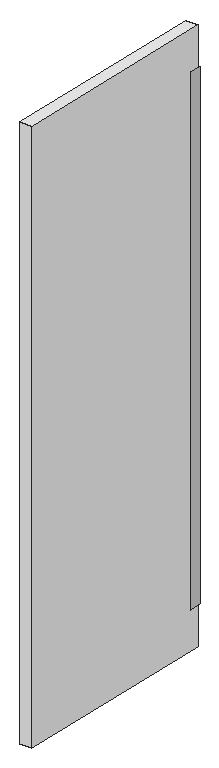
Revit family "r25_MY_UrinalScreen_WallHung_content", category Generic Models, Revit 2025
Family settings
  Can host rebar = No
  Round Connector Dimension = Use Diameter
  Part Type = Normal
  OmniClass Number = 23.31.25.11
  Work Plane-Based = No
  Always vertical = Yes
  Cut with Voids When Loaded = No
  Maintain Annotation Orientation = No
  Shared = No
  Room Calculation Point = No
Parameters (values of type "48" High")
  Uniclass2015Version = "Products v1.17"
  Uniclass2015Title = "Urinal dividers"
  Uniclass2015Code = "Pr_40_20_93_74"
  URL = "https://globalpartitions.com/"
  Type Comments = "Urinal Screen - Wall Hung - Powder Coat Steel - 48\" High"
  PanelWallOffsetDepth = 33/256"  # constant formula
  PanelThickness [instance] = 1"  # constant formula
  PanelOffsetHeight = 12"  # constant formula
  PanelHeight = 48"
  NumberOfUrinalScreens = 1  # constant formula
  ModifiedIssue = 20210102
  Model = Type Comments  # "Urinal Screen - Wall Hung - Powder Coat Steel - 48\" High"
  Material [instance] = Metal_PowderCoat_ASI_White_985
  MasterFormatTitle = "Compartments and Cubicles"
  MasterFormatNumber = "10 21 00"
  ManufacturerURLProductSpecific = "https://globalpartitions.com/products/powder-coated-steel/"
  ManufacturerSpecCode = Type Comments  # "Urinal Screen - Wall Hung - Powder Coat Steel - 48\" High"
  ManufacturerOverallWidth [instance] = PanelThickness  # 1"
  ManufacturerOverallHeight = PanelHeight + PanelOffsetHeight  # 60"
  ManufacturerOverallDepth [instance] = if(and((not(PanelHeight < 55")), (DesiredUrinalScreenDepth < 12")), 12", if(and((not(PanelHeight < 55")), (DesiredUrinalScreenDepth > 12"), (DesiredUrinalScreenDepth < 52")), roundup(DesiredUrinalScreenDepth / 2") * 2", if(and((not(PanelHeight < 55")), (DesiredUrinalScreenDepth > 52"), (DesiredUrinalScreenDepth < 58")), 55", if(and((not(PanelHeight < 55")), (DesiredUrinalScreenDepth > 58"), (DesiredUrinalScreenDepth < 78")), roundup(DesiredUrinalScreenDepth / 2") * 2", if(DesiredUrinalScreenDepth > 78", 78", if(and((PanelHeight < 55"), (DesiredUrinalScreenDepth < 48")), 18", if(and((PanelHeight < 55"), (DesiredUrinalScreenDepth > 48")), 48", DesiredUrinalScreenDepth)))))))  # 18"
  ManufacturerHeightFromFFL [instance] = 0"
  Manufacturer = "Accurate Partitions Corp."  # constant formula
  Keynote = ""
  IfcExportType = "NOTDEFINED"
  IfcExportAs = "IfcBuildingElementProxy"
  HardwareMaterial [instance] = Metal_StainlessSteel_ASI_Smooth
  Description = "Wall Hung Powder Coated Steel Urinal Screen"
  DesiredUrinalScreenDepth [instance] = 18"
  Default Elevation = 0"
  CreatedByURL = "https://igsgroup.com.au"
  CreatedBy = "IGS BIM Solutions"  # constant formula
  BracketTopOffset [instance] = PanelHeight - 6 1/2"  # 41 1/2"
  BracketHeight [instance] = PanelHeight - 6 1/2"  # 41 1/2"
  BracketDepth [instance] = 1"  # constant formula
  BracketBottomOffset [instance] = PanelOffsetHeight + 3 1/4"  # 15 1/4"
  Assembly Code = "C1030100"
Reference planes (in)
  plane 1 "Back": y = 0
  plane 2 "Ref. Level": z = 0
  plane 3 "Center (Left/Right)": x = 0
  plane 4 "Front": y = -18
  plane 5 "Bottom": z = 0
  plane 6 "Top": z = 60
  plane 7 "Panel_Back": y = -0.12891
  plane 8 "Panel_Bottom": z = 12
  plane 9 "Pilaster_Bottom": z = 0
  plane 10 "Centre (Elevation)": z = 41
  plane 11 "Bracket_Bottom": z = 15.25
  plane 12 "Bracket_Top": z = 56.75
  plane 13 "Screen_Back": y = 0
  plane 14 "Screen_Bottom": z = 0
  plane 15 "Right": x = 0.5
  plane 16 "Left": x = -0.5
  plane 17 "DesiredOverallDepth_Front": y = -18
Text (in)
  text "Disclaimer:\nDue to ongoing product development and manufacturing \nevolution, product details are subject to change without \nnotice. Please refer to product technical data sheets on \nthe manufacturers website for the most current product \ninformation. Please allow a +/- 5mm manufacturing \ntolerance for dimensions and set-outs shown in product \nliterature." at (26.01876, -1.20035, 0), in view "Ref. Level"
Dimensions and locks (in)
  "ManufacturerOverallDepth": plane 4 "Front" to plane 1 "Back"
  "ManufacturerHeightFromFFL": plane 14 "Screen_Bottom" to plane 2 "Ref. Level"
  "ManufacturerOverallHeight": plane 6 "Top" to plane 5 "Bottom"
  "PanelWallOffsetDepth": plane 7 "Panel_Back" to plane 1 "Back"
  "PanelOffsetHeight": plane 8 "Panel_Bottom" to plane 5 "Bottom"
  "BracketBottomOffset": plane 11 "Bracket_Bottom" to plane 5 "Bottom"
  "BracketTopOffset": plane 12 "Bracket_Top" to plane 11 "Bracket_Bottom"
  locked: plane 1 "Back" to plane 13 "Screen_Back"
  locked: plane 5 "Bottom" to plane 14 "Screen_Bottom"
  equal spacing: plane 16 "Left", plane 3 "Center (Left/Right)", plane 15 "Right"
  "PanelThickness": plane 16 "Left" to plane 15 "Right"
  "DesiredUrinalScreenDepth": plane 17 "DesiredOverallDepth_Front" to plane 13 "Screen_Back"
  aligned and locked: level to plane 2 "Ref. Level"
  aligned and locked: nested 1 to plane 7 "Panel_Back"
  aligned and locked: nested 2 to plane 1 "Back"
  aligned and locked: plane 3 "Center (Left/Right)" to nested 1
  aligned and locked: plane 3 "Center (Left/Right)" to nested 2
  aligned and locked: plane 4 "Front" to nested 1
  aligned and locked: nested 2 to plane 11 "Bracket_Bottom"
Nested families (in)
  nested 1: "UrinalScreen_ASI_Panel" at (0, -9.06445, 12) x (0, 1, 0) z (0, 0, 1), Material <- "Material", ManufacturerOverallDepth <- "PanelThickness", ManufacturerOverallHeight <- "PanelHeight", type "Type 1"
    with Material Metal_PowderCoat_ASI_White_985, ManufacturerOverallWidth 17 223/256", ManufacturerOverallHeight 48", ManufacturerOverallDepth 1"
  nested 2: "UrinalScreen_ASI_UBracket" at (0, 0, 36) x (-1, 0, 0) z (0, 0, 1), Material <- "HardwareMaterial", ManufacturerOverallWidth <- "PanelThickness", ManufacturerOverallDepth <- "BracketDepth", ManufacturerOverallHeight <- "BracketHeight", type "Type 1", detail levels medium+fine
    with Material Metal_StainlessSteel_ASI_Smooth, ManufacturerOverallWidth 1", ManufacturerOverallHeight 41 1/2", ManufacturerOverallDepth 1", BracketThickness 0.07874"
Definition of nested family "UrinalScreen_ASI_Panel"
  Parameters (values of type "Type 1")
    Uniclass2015Version = "Products v1.17"
    Uniclass2015Title = "Urinal dividers"
    Uniclass2015Code = "Pr_40_20_93_74"
    URL = ""
    ModifiedIssue = 20201222
    Material [instance] = none
    MasterFormatTitle = "Compartments and Cubicles"
    MasterFormatNumber = "10 21 00"
    ManufacturerURLProductSpecific = ""
    ManufacturerOverallWidth [instance] = 24"
    ManufacturerOverallHeight [instance] = 55"
    ManufacturerOverallDepth [instance] = 1"
    Manufacturer = ""
    IfcExportType = "NOTDEFINED"
    IfcExportAs = "IfcBuildingElementProxy"
    Default Elevation = 48"
    CreatedByURL = "https://igsgroup.com.au"
    CreatedBy = "IGS BIM Solutions"  # constant formula
    Assembly Code = "C1030100"
  Reference planes (in)
    plane 1 "Center (Front/Back)": y = 0
    plane 2 "Bottom": z = 0
    plane 3 "Centre (Left/Right)": x = 0
    plane 4 "Left": x = -12
    plane 5 "Back": y = 0.5
    plane 6 "Right": x = 12
    plane 7 "Front": y = -0.5
    plane 8 "Top": z = 55
    plane 9 "Centre (Elevation)": z = 27.5
  Forms (in)
    Extrusion 1, solid, material <- "Material"
      sketch origin (0, 0, 0) x (1, 0, 0) y (0, 1, 0)
        loop
          line (-12, 0.5) -> (-12, -0.5) -> (12, -0.5) -> (12, 0.5) -> (-12, 0.5)
      from 0 to 55
  Text (in)
    text "Disclaimer:\nDue to ongoing product development and manufacturing \nevolution, product details are subject to change without \nnotice. Please refer to product technical data sheets on \nthe manufacturers website for the most current product \ninformation. Please allow a +/- 5mm manufacturing \ntolerance for dimensions and set-outs shown in product \nliterature." at (19.69923, 7.22692, 0), in view "Ref. Level"
  Dimensions and locks (in)
    equal spacing: plane 7 "Front", plane 1 "Center (Front/Back)", plane 5 "Back"
    equal spacing: plane 4 "Left", plane 3 "Centre (Left/Right)", plane 6 "Right"
    "ManufacturerOverallWidth": plane 4 "Left" to plane 6 "Right"
    "ManufacturerOverallDepth": plane 5 "Back" to plane 7 "Front"
    "ManufacturerOverallHeight": plane 8 "Top" to plane 2 "Bottom"
    equal spacing: plane 8 "Top", plane 9 "Centre (Elevation)", plane 2 "Bottom"
    aligned and locked: level to plane 2 "Bottom"
    aligned and locked: plane 6 "Right" to Extrusion 1 sketch curve
    aligned and locked: Extrusion 1 sketch curve to plane 5 "Back"
    aligned and locked: Extrusion 1 sketch curve to plane 7 "Front"
    aligned and locked: plane 4 "Left" to Extrusion 1 sketch curve
    aligned and locked: plane 8 "Top" to Extrusion 1
    aligned and locked: Extrusion 1 to plane 2 "Bottom"
Definition of nested family "UrinalScreen_ASI_UBracket"
  Parameters (values of type "Type 1")
    Uniclass2015Version = "Products v1.17"
    Uniclass2015Title = "Urinal dividers"
    Uniclass2015Code = "Pr_40_20_93_74"
    URL = ""
    ModifiedIssue = 20201222
    Material [instance] = none
    MasterFormatTitle = "Compartments and Cubicles"
    MasterFormatNumber = "10 21 00"
    ManufacturerURLProductSpecific = ""
    ManufacturerOverallWidth [instance] = 1/2"
    ManufacturerOverallHeight [instance] = 1 1/2"
    ManufacturerOverallDepth [instance] = 1"
    Manufacturer = ""
    IfcExportType = "NOTDEFINED"
    IfcExportAs = "IfcBuildingElementProxy"
    Default Elevation = 48"
    CreatedByURL = "https://igsgroup.com.au"
    CreatedBy = "IGS BIM Solutions"  # constant formula
    BracketThickness [instance] = 0.07874"
    Assembly Code = "C1030100"
  Reference planes (in)
    plane 1 "Back": y = 0
    plane 2 "Centre (Elevation)": z = 0
    plane 3 "Centre (Left/Right)": x = 0
    plane 4 "Left": x = -0.25
    plane 5 "Right": x = 0.25
    plane 6 "Front": y = -1
    plane 7 "Top": z = 0.75
    plane 8 "Bracket_Left": x = -0.32874
    plane 9 "Bottom": z = -0.75
    plane 10 "Bracket_Right": x = 0.32874
    plane 11 "Inside Back": y = -0.07874
  Forms (in)
    Extrusion 1, solid, material <- "Material"
      sketch origin (0, 0, 0) x (1, 0, 0) y (0, 1, 0)
        loop
          line (-0.32874, 0) -> (-0.32874, -1) -> (-0.25, -1) -> (-0.25, -0.07874) -> (0.25, -0.07874) -> (0.25, -1) -> (0.32874, -1) -> (0.32874, 0) -> (-0.32874, 0)
      from -0.75 to 0.75
  Text (in)
    text "Disclaimer:\nDue to ongoing product development and manufacturing \nevolution, product details are subject to change without \nnotice. Please refer to product technical data sheets on \nthe manufacturers website for the most current product \ninformation. Please allow a +/- 5mm manufacturing \ntolerance for dimensions and set-outs shown in product \nliterature." at (4.80748, 2.76734, 0), in view "Ref. Level"
  Dimensions and locks (in)
    "ManufacturerOverallDepth": plane 6 "Front" to plane 1 "Back"
    equal spacing: plane 4 "Left", plane 3 "Centre (Left/Right)", plane 5 "Right"
    "ManufacturerOverallWidth": plane 4 "Left" to plane 5 "Right"
    "ManufacturerOverallHeight": plane 7 "Top" to plane 9 "Bottom"
    equal spacing: plane 7 "Top", plane 2 "Centre (Elevation)", plane 9 "Bottom"
    "BracketThickness": plane 8 "Bracket_Left" to plane 4 "Left"
    "BracketThickness": plane 5 "Right" to plane 10 "Bracket_Right"
    "BracketThickness": plane 11 "Inside Back" to plane 1 "Back"
    aligned and locked: level to plane 2 "Centre (Elevation)"
    aligned and locked: Extrusion 1 sketch curve to plane 6 "Front"  (x2)
    aligned and locked: Extrusion 1 to plane 1 "Back"
    aligned and locked: plane 8 "Bracket_Left" to Extrusion 1 sketch curve
    aligned and locked: plane 10 "Bracket_Right" to Extrusion 1 sketch curve
    aligned and locked: plane 1 "Back" to Extrusion 1 sketch curve
    aligned and locked: Extrusion 1 sketch curve to plane 5 "Right"
    aligned and locked: Extrusion 1 sketch curve to plane 11 "Inside Back"
    aligned and locked: Extrusion 1 sketch curve to plane 4 "Left"
    aligned and locked: plane 9 "Bottom" to Extrusion 1
    aligned and locked: plane 7 "Top" to Extrusion 1
